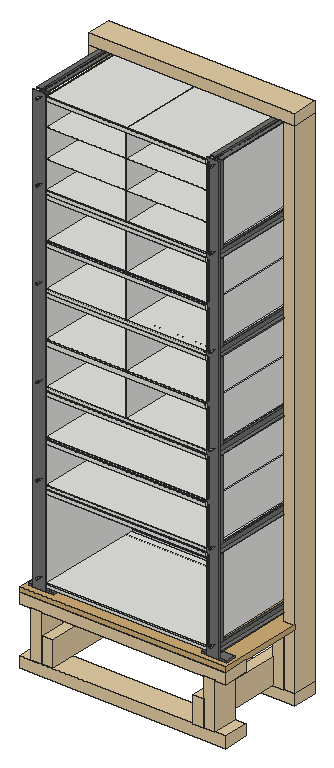
Revit family "Mailboxes_Aluminum-Data_Distribution_System-Salsbury_Industries-5_Unit_High_Wall_Installation", category Specialty Equipment, host Wall, Revit 2016
Family settings
  Host = Wall
  Part Type = Normal
  Round Connector Dimension = Use Diameter
  OmniClass Number = 23.40.90.14.11
  OmniClass Title = Mail Boxes
  Always vertical = Yes
  Cut with Voids When Loaded = No
  Shared = No
  Room Calculation Point = No
Parameters (values of type "Single Column Installation-2400 Series Mailboxes-5 High")
  Version = "2.0 (06/30/18)"
  URL = "www.mailboxes.com"
  Type Comments = "Data Distribution System for Aluminum Mailbox Units"
  Trim Material = Steel - Salsbury Finish - Black
  Starter and Add On Configuration (not applicable) = yes
  Starter Configuration (not applicable) = yes
  Rough Opening Width = 25.375"
  Rough Opening Height = 61.625"
  Rack Ladder Spacing = 23.875"
  Right RO Offset = 1.500"
  Rack Ladder Offset = 0.750"
  Rack Ladder Height = Rack Ladder Units : 2200C5
  Platform Material = Plywood
  OmniClass 23 Title = "Mail Boxes"
  OmniClass 23 Number = "23.40.90.14.11"
  Model = "2400 Series"
  MasterFormat Title = "Postal Specialties"
  MasterFormat Number = "10 55 00"
  Manufacturer = "Salsbury Industries"
  Lock Material = Stainless Steel -Salsbury Finish - Polished
  Left RO Offset = 1.500"
  Front Panel Material = Aluminum - Salsbury Finish - Aluminum
  End Column and Add On Configuration (not applicable) = yes
  Description = "5 Unit High  Installation - Single Column"
  Base Height [instance] = 10.000"
  Base Depth = 16.000"
  Back Enclosure Material = Steel - Salsbury Finish - Clear
  Assembly Code = "C1030910"
  2x4 Platform Support = Softwood, Lumber
  2400 Series Mailbox - Location 5 [instance] = Data Distribution Mailbox Units : 2406
  2400 Series Mailbox - Location 4 [instance] = Data Distribution Mailbox Units : 2404
  2400 Series Mailbox - Location 3 [instance] = Data Distribution Mailbox Units : 2404
  2400 Series Mailbox - Location 2 [instance] = Data Distribution Mailbox Units : 2402
  2400 Series Mailbox - Location 1 [instance] = Data Distribution Mailbox Units : 2401
Reference planes (in)
  plane 1 "Center of Wall": y = 0
  plane 2 "Center (Left/Right)": x = 0
  plane 3 "Front Face of Wall": y = 2.4375
  plane 4 "Left Side of RO": x = 12.6875
  plane 5 "Right Side of RO": x = -12.6875
  plane 6 "Top of RO": z = 71.625
  plane 7 "Bottom of RO": z = 10
  plane 8 "Back of Platform": y = -13.5625
  plane 9 "Floor": z = 0
  plane 10 "Back Face of Wall": y = -2.4375
  plane 11: y = -9.0625
  plane 12 "Base-Back Bottom Frame": z = 1.5
  plane 13 "Base-Back TopFrame": z = 7.875
  plane 14 "Base Center-Back TopFrame": z = 8.625
  plane 15 "Base Center-Back Bottom Frame": z = 0.75
  plane 16 "Bottom of Platform": z = 9.375
  plane 17 "Brace/Support Align-Right": x = -11.1875
  plane 18 "Brace/Support Align-Left": x = 11.1875
  plane 19 "Wall Opening Extension - Left": x = 14.1875
  plane 20 "Wall Opening Extension - Right": x = -14.1875
  plane 21 "Wall Opening Extension - Top": z = 73.125
  plane 22 "Right Rack Ladder Align": x = -11.9375
  plane 23 "Left Rack Ladder Align": x = 11.9375
  plane 24: z = 5
  plane 25: y = -1.75
  plane 26: y = 1.75
  plane 27 "Mail Align 1": z = 10.9375
  plane 28: z = 23.0625
  plane 29: z = 35.1875
  plane 30: z = 47.3125
  plane 31: z = 59.4375
  plane 32: z = 71.5625
  plane 33 "Center of Mailboxes": x = 0
  plane 34 "Mailbox Side Align": x = 11.5935
  plane 35: x = -12.6875
  plane 36: x = 12.6875
  plane 37: y = 2.0625
  plane 38: x = 9.6875
  plane 39: x = -9.6875
  plane 40: y = -10.0625
  plane 41 "15"AFF - Low Reach Limit": z = 15
Forms (in)
  Extrusion 1, void
    sketch origin (0, 0, 0) x (1, 0, 0) y (0, 0, 1)
      loop
        line (12.6875, 71.625) -> (-12.6875, 71.625) -> (-12.6875, 10) -> (12.6875, 10) -> (12.6875, 71.625)
    from -2.4375 to 2.4375
  Extrusion 2, void
    sketch origin (0, -2.4375, 0) x (-1, 0, 0) y (0, 0, 1)
      loop
        line (12.6875, 10) -> (-12.6875, 10) -> (-12.6875, 0) -> (12.6875, 0) -> (12.6875, 10)
    from 0 to 4.5
  Extrusion 3, solid, material "Softwood, Lumber" <- "2x4 Platform Support"
    sketch origin (0, 0, 0) x (1, 0, 0) y (0, 1, 0)
      loop
        line (14.1875, -13.5625) -> (14.1875, -10.0625) -> (-14.1875, -10.0625) -> (-14.1875, -13.5625) -> (14.1875, -13.5625)
    from 0 to 1.5
  Extrusion 4, solid, material "Softwood, Lumber" <- "2x4 Platform Support"
    sketch origin (0, 11.8125, 0) x (1, 0, 0) y (0, 1, 0)
      loop
        line (14.1875, -13.5625) -> (14.1875, -10.0625) -> (-14.1875, -10.0625) -> (-14.1875, -13.5625) -> (14.1875, -13.5625)
    from 0 to 1.5
  Extrusion 5, solid, material "Softwood, Lumber" <- "2x4 Platform Support"
    sketch origin (0, 0, 7.875) x (1, 0, 0) y (0, 1, 0)
      loop
        line (14.1875, -13.5625) -> (14.1875, -10.0625) -> (-14.1875, -10.0625) -> (-14.1875, -13.5625) -> (14.1875, -13.5625)
    from 0 to 1.5
  Extrusion 6, solid, material "Softwood, Lumber" <- "2x4 Platform Support"
    sketch origin (0, 0, 7.875) x (1, 0, 0) y (0, 1, 0)
      loop
        line (12.6875, -1.75) -> (12.6875, 1.75) -> (-12.6875, 1.75) -> (-12.6875, -1.75) -> (12.6875, -1.75)
    from 0 to 1.5
  Extrusion 7, solid, material "Softwood, Lumber" <- "2x4 Platform Support"
    sketch origin (-12.6875, 0, 0) x (0, 0, -1) y (0, 1, 0)
      loop
        line (-7.875, -13.5625) -> (-1.5, -13.5625) -> (-1.5, -10.0625) -> (-7.875, -10.0625) -> (-7.875, -13.5625)
    from 0 to 1.5
  Extrusion 8, solid, material "Softwood, Lumber" <- "2x4 Platform Support"
    sketch origin (-12.6875, 0, 0) x (0, 0, -1) y (0, 1, 0)
      loop
        line (-7.875, -1.75) -> (-1.5, -1.75) -> (-1.5, 1.75) -> (-7.875, 1.75) -> (-7.875, -1.75)
    from 0 to 1.5
  Extrusion 9, solid, material "Softwood, Lumber" <- "2x4 Platform Support", visible <- "End Column and Add On Configuration (not applicable)"
    sketch origin (12.6875, 0, 0) x (0, 0, -1) y (0, 1, 0)
      loop
        line (-7.875, -13.5625) -> (-1.5, -13.5625) -> (-1.5, -10.0625) -> (-7.875, -10.0625) -> (-7.875, -13.5625)
    from 0 to -1.5
  Extrusion 10, solid, material "Softwood, Lumber" <- "2x4 Platform Support", visible <- "End Column and Add On Configuration (not applicable)"
    sketch origin (12.6875, 0, 0) x (0, 0, -1) y (0, 1, 0)
      loop
        line (-7.875, -1.75) -> (-1.5, -1.75) -> (-1.5, 1.75) -> (-7.875, 1.75) -> (-7.875, -1.75)
    from 0 to -1.5
  Extrusion 11, solid, material "Softwood, Lumber" <- "2x4 Platform Support"
    sketch origin (-11.1875, 0, 0) x (0, 0, -1) y (0, -1, 0)
      loop
        line (-1.5, 13.5625) -> (-5, 13.5625) -> (-5, -1.75) -> (-1.5, -1.75) -> (-1.5, 13.5625)
    from 0 to -1.5
  Extrusion 12, solid, material "Softwood, Lumber" <- "2x4 Platform Support", visible <- "End Column and Add On Configuration (not applicable)"
    sketch origin (11.1875, 0, 0) x (0, 0, -1) y (0, -1, 0)
      loop
        line (-1.5, 13.5625) -> (-5, 13.5625) -> (-5, -1.75) -> (-1.5, -1.75) -> (-1.5, 13.5625)
    from 0 to 1.5
  Extrusion 13, void
    sketch origin (0, 0, 73.125) x (0, -1, 0) y (1, 0, 0)
      loop
        line (2.4375, -14.1875) -> (2.4375, 14.1875) -> (-2.06201, 14.1875) -> (-2.06201, -14.1875) -> (2.4375, -14.1875)
    from -73.125 to 0
  Extrusion 14, solid, material "Softwood, Lumber" <- "2x4 Platform Support", visible <- "End Column and Add On Configuration (not applicable)"
    sketch origin (14.1875, 0, 0) x (0, -1, 0) y (0, 0, 1)
      loop
        line (1.75, 1.5) -> (1.75, 71.625) -> (-1.75, 71.625) -> (-1.75, 1.5) -> (1.75, 1.5)
    from 0 to 1.5
  Extrusion 15, solid, material "Softwood, Lumber" <- "2x4 Platform Support", visible <- "Starter and Add On Configuration (not applicable)"
    sketch origin (-14.1875, 0, 0) x (0, -1, 0) y (0, 0, 1)
      loop
        line (1.75, 1.5) -> (1.75, 71.625) -> (-1.75, 71.625) -> (-1.75, 1.5) -> (1.75, 1.5)
    from 0 to -1.5
  Extrusion 16, solid, material "Softwood, Lumber" <- "2x4 Platform Support"
    sketch origin (0, 11.8125, 73.125) x (0, -1, 0) y (1, 0, 0)
      loop
        line (13.5625, 14.1875) -> (10.0625, 14.1875) -> (10.0625, -14.1875) -> (13.5625, -14.1875) -> (13.5625, 14.1875)
    from 0 to -1.5
  Extrusion 17, solid, material "Plywood" <- "Platform Material"
    sketch origin (0, 0, 9.375) x (0, -1, 0) y (1, 0, 0)
      loop
        line (13.5625, -14.1875) -> (13.5625, 14.1875) -> (-2.0625, 14.1875) -> (-2.0625, -14.1875) -> (13.5625, -14.1875)
    from 0 to 0.625
  Extrusion 18, void
    sketch origin (-12.6875, 0, 0) x (0, 0, -1) y (0, 1, 0)
      loop
        line (-9.375, 2.0625) -> (-10, 2.0625) -> (-10, -1.75) -> (-9.375, -1.75) -> (-9.375, 2.0625)
    from 0 to -1.5
  Extrusion 19, void
    sketch origin (12.6875, 0, 0) x (0, 0, -1) y (0, 1, 0)
      loop
        line (-9.375, 2.0625) -> (-10, 2.0625) -> (-10, -1.75) -> (-9.375, -1.75) -> (-9.375, 2.0625)
    from 0 to 1.5
Cuts and joins
  Extrusion 18 cuts Extrusion 6
  Extrusion 18, Extrusion 19 cuts Extrusion 17
Lines and regions (in)
  symbolic lines
    curve 1: line (-14.1875, -13.5625, 10.9375) -> (14.1875, -13.5625, 10.9375)
    curve 2: line (-14.1875, 1.75, 10.9375) -> (-14.1875, -13.5625, 10.9375)
    curve 3: line (14.1875, 1.75, 10.9375) -> (-14.1875, 1.75, 10.9375)
    curve 4: line (14.1875, -13.5625, 10.9375) -> (14.1875, 1.75, 10.9375)
    curve 5: line (-14.1875, -1.75, 10.9375) -> (14.1875, -1.75, 10.9375)
    curve 6: line (-12.6875, -1.75, 73.125) -> (-12.6875, 1.75, 73.125)
    curve 7: line (-12.6875, -1.75, 0) -> (-12.6875, -1.75, 73.125)
    curve 8: line (-12.6875, 1.75, 0) -> (-12.6875, -1.75, 0)
    curve 9: line (-12.6875, 1.75, 73.125) -> (-12.6875, 1.75, 0)
    curve 10: line (-12.6875, -13.5625, 9.375) -> (-12.6875, -10.0625, 9.375)
    curve 11: line (-12.6875, -13.5625, 0) -> (-12.6875, -13.5625, 9.375)
    curve 12: line (-12.6875, -10.0625, 0) -> (-12.6875, -13.5625, 0)
    curve 13: line (-12.6875, -10.0625, 9.375) -> (-12.6875, -10.0625, 0)
    curve 14: line (-12.6875, -13.5625, 7.875) -> (-12.6875, -10.0625, 7.875)
    curve 15: line (-12.6875, -13.5625, 1.5) -> (-12.6875, 1.75, 1.5)
    curve 16: line (-12.6875, -10.0625, 5) -> (-12.6875, -1.75, 5)
    curve 17: line (-12.6875, -13.5625, 10) -> (-12.6875, -1.75, 10)
    curve 18: line (-12.6875, -13.5625, 9.375) -> (-12.6875, -13.5625, 10)
    curve 19: line (-12.6875, -1.75, 9.375) -> (-12.6875, -13.5625, 9.375)
    curve 20: line (-12.6875, -1.75, 71.625) -> (-12.6875, 1.75, 71.625)
    curve 21: line (-14.1875, 0, 73.125) -> (14.1875, 0, 73.125)
    curve 22: line (-14.1875, 0, 71.625) -> (-14.1875, 0, 73.125)
    curve 23: line (14.1875, 0, 71.625) -> (-14.1875, 0, 71.625)
    curve 24: line (14.1875, 0, 73.125) -> (14.1875, 0, 71.625)
    curve 25: line (-14.1875, 0, 71.625) -> (-14.1875, 0, 1.5)
    curve 26: line (14.1875, 0, 71.625) -> (14.1875, 0, 1.5)
    curve 27: line (-14.1875, 0, 0) -> (14.1875, 0, 0)
    curve 28: line (-14.1875, 0, 1.5) -> (-14.1875, 0, 0)
    curve 29: line (14.1875, 0, 1.5) -> (-14.1875, 0, 1.5)
    curve 30: line (14.1875, 0, 0) -> (14.1875, 0, 1.5)
    curve 31: line (-14.1875, 0, 9.375) -> (14.1875, 0, 9.375)
    curve 32: line (-14.1875, 0, 10) -> (14.1875, 0, 10)
    curve 33: line (14.1875, 0, 7.875) -> (-14.1875, 0, 7.875)
    curve 34: line (-12.6875, 0, 1.5) -> (-12.6875, 0, 7.875)
    curve 35: line (-11.1875, 0, 1.5) -> (-11.1875, 0, 7.875)
    curve 36: line (-9.6875, 0, 1.5) -> (-9.6875, 0, 5)
    curve 37: line (-11.1875, 0, 5) -> (-9.6875, 0, 5)
    curve 38: line (11.1875, 0, 1.5) -> (11.1875, 0, 7.875)
    curve 39: line (12.6875, 0, 1.5) -> (12.6875, 0, 7.875)
    curve 40: line (9.6875, 0, 1.5) -> (9.6875, 0, 5)
    curve 41: line (11.1875, 0, 5) -> (9.6875, 0, 5)
Text (in)
  text "Placement Side" at (0, 40.15149, 123.01588), in view "Right"
  text "Placement Side" at (-58.6842, 42.74981, 0), in view "Ref. Level"
  text "Placement Side" at (0, 47.49176, 140.59947), in view "Left"
Dimensions and locks (in)
  locked: plane 3 "Front Face of Wall" to host wall
  equal spacing: plane 4 "Left Side of RO", plane 2 "Center (Left/Right)", plane 5 "Right Side of RO"
  "Rough Opening Width": plane 4 "Left Side of RO" to plane 5 "Right Side of RO"
  "Rough Opening Height": plane 7 "Bottom of RO" to plane 6 "Top of RO"
  "Base Height": plane 9 "Floor" to plane 7 "Bottom of RO"
  "Base Depth": plane 8 "Back of Platform" to plane 3 "Front Face of Wall"
  plane 8 "Back of Platform" to plane 11 = 4.500"
  plane 24 to plane 12 "Base-Back Bottom Frame" to plane 15 "Base Center-Back Bottom Frame" to plane 9 "Floor" = 3.500", 0.750", 0.750"
  plane 7 "Bottom of RO" to plane 16 "Bottom of Platform" to plane 14 "Base Center-Back TopFrame" to plane 13 "Base-Back TopFrame" = 0.625", 0.750", 0.750"
  plane 5 "Right Side of RO" to plane 17 "Brace/Support Align-Right" to plane 39 = 1.500" locked, 1.500" locked
  plane 38 to plane 18 "Brace/Support Align-Left" to plane 4 "Left Side of RO" = 1.500" locked, 1.500" locked
  "Left RO Offset": plane 4 "Left Side of RO" to plane 19 "Wall Opening Extension - Left"
  "Right RO Offset": plane 20 "Wall Opening Extension - Right" to plane 5 "Right Side of RO"
  locked: plane 21 "Wall Opening Extension - Top" to plane 6 "Top of RO" at 1.5
  "Rack Ladder Spacing": plane 22 "Right Rack Ladder Align" to plane 23 "Left Rack Ladder Align"
  plane 25 to plane 1 "Center of Wall" to plane 26 = 1.750", 1.750"
  "Rack Ladder Offset": plane 22 "Right Rack Ladder Align" to plane 5 "Right Side of RO"
  plane 32 to plane 31 to plane 30 to plane 29 to plane 28 to plane 27 "Mail Align 1" to plane 7 "Bottom of RO" = 12.125", 12.125", 12.125", 12.125", 12.125", 0.9375"
  equal spacing: plane 22 "Right Rack Ladder Align", plane 33 "Center of Mailboxes", plane 23 "Left Rack Ladder Align"
  locked: plane 34 "Mailbox Side Align" to plane 23 "Left Rack Ladder Align" at 0.344
  locked: plane 20 "Wall Opening Extension - Right" to plane 35 at 1.5
  locked: plane 36 to plane 19 "Wall Opening Extension - Left" at 1.5
  locked: plane 37 to plane 3 "Front Face of Wall" at 0.375
  locked: plane 41 "15"AFF - Low Reach Limit" to plane 9 "Floor" at 15
  aligned and locked: plane 9 "Floor" to level
  aligned and locked: plane 6 "Top of RO" to Extrusion 1 sketch curve
  aligned and locked: plane 5 "Right Side of RO" to Extrusion 1 sketch curve
  aligned and locked: Extrusion 1 sketch curve to plane 4 "Left Side of RO"
  aligned and locked: Extrusion 1 sketch curve to plane 7 "Bottom of RO"
  aligned and locked: host wall to Extrusion 1  (x2)
  aligned and locked: plane 10 "Back Face of Wall" to host wall
  aligned and locked: plane 7 "Bottom of RO" to Extrusion 2 sketch curve
  aligned and locked: Extrusion 2 sketch curve to plane 4 "Left Side of RO"
  aligned and locked: plane 5 "Right Side of RO" to Extrusion 2 sketch curve
  aligned and locked: Extrusion 2 sketch curve to plane 9 "Floor"
  aligned and locked: Extrusion 3 to plane 12 "Base-Back Bottom Frame"
  aligned and locked: plane 4 "Left Side of RO" to Extrusion 6
  aligned and locked: Extrusion 6 to plane 5 "Right Side of RO"
  aligned and locked: plane 12 "Base-Back Bottom Frame" to Extrusion 7
  aligned and locked: Extrusion 7 to plane 13 "Base-Back TopFrame"
  aligned and locked: plane 13 "Base-Back TopFrame" to Extrusion 5
  aligned and locked: plane 12 "Base-Back Bottom Frame" to Extrusion 8
  aligned and locked: plane 12 "Base-Back Bottom Frame" to Extrusion 9
  aligned and locked: plane 12 "Base-Back Bottom Frame" to Extrusion 10
  aligned and locked: Extrusion 9 to plane 13 "Base-Back TopFrame"
  aligned and locked: Extrusion 10 to plane 13 "Base-Back TopFrame"
  aligned and locked: Extrusion 4 to Extrusion 12
  aligned and locked: Extrusion 4 to Extrusion 11
  aligned and locked: Extrusion 13 sketch curve to plane 20 "Wall Opening Extension - Right"
  aligned and locked: plane 19 "Wall Opening Extension - Left" to Extrusion 13 sketch curve
  aligned and locked: Extrusion 4 to plane 19 "Wall Opening Extension - Left"
  aligned and locked: plane 20 "Wall Opening Extension - Right" to Extrusion 4
  aligned and locked: Extrusion 17 to plane 7 "Bottom of RO"
  aligned and locked: Extrusion 13 to level
  aligned and locked: plane 24 to Extrusion 12
  aligned and locked: Extrusion 11 to plane 24
  aligned and locked: nested 1 to plane 7 "Bottom of RO"
  aligned and locked: nested 2 to plane 23 "Left Rack Ladder Align"
  aligned and locked: nested 1 to plane 22 "Right Rack Ladder Align"
  aligned and locked: plane 7 "Bottom of RO" to nested 2
  aligned and locked: plane 3 "Front Face of Wall" to nested 1
  aligned and locked: nested 2 to plane 3 "Front Face of Wall"
  aligned and locked: Extrusion 5 to Extrusion 4
  aligned and locked: Extrusion 5 to plane 19 "Wall Opening Extension - Left"
  aligned and locked: Extrusion 5 to Extrusion 17
  aligned and locked: Extrusion 17 to Extrusion 5
  aligned and locked: Extrusion 4 to Extrusion 3  (x2)
  aligned and locked: Extrusion 4 to plane 12 "Base-Back Bottom Frame"
  aligned and locked: plane 12 "Base-Back Bottom Frame" to Extrusion 15
  aligned and locked: Extrusion 15 to plane 6 "Top of RO"
  aligned and locked: Extrusion 14 to plane 6 "Top of RO"
  aligned and locked: Extrusion 16 to plane 19 "Wall Opening Extension - Left"
  aligned and locked: plane 20 "Wall Opening Extension - Right" to Extrusion 16
  aligned and locked: Extrusion 17 to Extrusion 3  (x2)
  aligned and locked: plane 25 to Extrusion 4
  aligned and locked: Extrusion 4 to plane 26
  aligned and locked: plane 25 to Extrusion 14
  aligned and locked: Extrusion 14 to plane 26
  aligned and locked: Extrusion 10 to plane 26
  aligned and locked: plane 25 to Extrusion 10
  aligned and locked: plane 25 to cut or joined group of Extrusion 6, Extrusion 18
  aligned and locked: cut or joined group of Extrusion 6, Extrusion 18 to plane 26
  aligned and locked: plane 25 to Extrusion 8
  aligned and locked: Extrusion 8 to plane 26
  aligned and locked: Extrusion 16 to plane 26  (x2)
  aligned and locked: plane 25 to Extrusion 16
  aligned and locked: cut or joined group of Extrusion 17, Extrusion 18, Extrusion 19 to Extrusion 18
  aligned and locked: Extrusion 18 to Extrusion 4
  aligned and locked: Extrusion 19 to cut or joined group of Extrusion 17, Extrusion 18, Extrusion 19
  aligned and locked: Extrusion 4 to Extrusion 19
  aligned and locked: nested 4 to plane 3 "Front Face of Wall"
  aligned and locked: nested 6 to plane 3 "Front Face of Wall"
  aligned and locked: nested 5 to plane 3 "Front Face of Wall"
  aligned and locked: nested 7 to plane 3 "Front Face of Wall"
  aligned and locked: plane 27 "Mail Align 1" to nested 3
  aligned and locked: plane 28 to nested 4
  aligned and locked: plane 29 to nested 5
  aligned and locked: plane 30 to nested 6
  aligned and locked: plane 31 to nested 7
  aligned and locked: nested 3 to plane 3 "Front Face of Wall"
  aligned and locked: nested 7 to plane 34 "Mailbox Side Align"
  aligned and locked: nested 6 to plane 34 "Mailbox Side Align"
  aligned and locked: nested 5 to plane 34 "Mailbox Side Align"
  aligned and locked: nested 4 to plane 34 "Mailbox Side Align"
  aligned and locked: nested 3 to plane 34 "Mailbox Side Align"
  aligned and locked: Extrusion 15 to plane 26
  aligned and locked: plane 25 to Extrusion 15
  aligned and locked: plane 25 to Extrusion 15 sketch curve
  aligned and locked: Extrusion 15 sketch curve to plane 26
  aligned and locked: Extrusion 15 sketch curve to plane 6 "Top of RO"
  aligned and locked: plane 12 "Base-Back Bottom Frame" to Extrusion 15 sketch curve
  aligned and locked: Extrusion 15 to plane 35
  aligned and locked: plane 20 "Wall Opening Extension - Right" to Extrusion 15
  aligned and locked: plane 12 "Base-Back Bottom Frame" to Extrusion 14 sketch curve
  aligned and locked: plane 25 to Extrusion 14 sketch curve
  aligned and locked: Extrusion 14 sketch curve to plane 26
  aligned and locked: Extrusion 14 sketch curve to plane 6 "Top of RO"
  aligned and locked: Extrusion 14 to plane 36
  aligned and locked: Extrusion 14 to plane 19 "Wall Opening Extension - Left"
  aligned and locked: plane 26 to Extrusion 16 sketch curve
  aligned and locked: Extrusion 16 sketch curve to plane 20 "Wall Opening Extension - Right"
  aligned and locked: Extrusion 16 sketch curve to plane 25
  aligned and locked: plane 19 "Wall Opening Extension - Left" to Extrusion 16 sketch curve
  aligned and locked: Extrusion 16 to plane 21 "Wall Opening Extension - Top"
  aligned and locked: plane 6 "Top of RO" to Extrusion 16
  aligned and locked: plane 20 "Wall Opening Extension - Right" to Extrusion 17 sketch curve
  aligned and locked: Extrusion 17 sketch curve to plane 19 "Wall Opening Extension - Left"
  aligned and locked: plane 8 "Back of Platform" to Extrusion 17 sketch curve
  aligned and locked: plane 37 to Extrusion 17 sketch curve
  aligned and locked: plane 16 "Bottom of Platform" to cut or joined group of Extrusion 17, Extrusion 18, Extrusion 19
  aligned and locked: plane 5 "Right Side of RO" to Extrusion 6 sketch curve
  aligned and locked: plane 26 to Extrusion 6 sketch curve
  aligned and locked: Extrusion 6 sketch curve to plane 25
  aligned and locked: Extrusion 6 sketch curve to plane 4 "Left Side of RO"
  aligned and locked: plane 13 "Base-Back TopFrame" to cut or joined group of Extrusion 6, Extrusion 18
  aligned and locked: cut or joined group of Extrusion 6, Extrusion 18 to plane 16 "Bottom of Platform"
  aligned and locked: plane 40 to Extrusion 5 sketch curve
  aligned and locked: Extrusion 5 sketch curve to plane 8 "Back of Platform"
  aligned and locked: Extrusion 5 sketch curve to plane 20 "Wall Opening Extension - Right"
  aligned and locked: plane 19 "Wall Opening Extension - Left" to Extrusion 5 sketch curve
  aligned and locked: Extrusion 5 to plane 16 "Bottom of Platform"
  aligned and locked: plane 13 "Base-Back TopFrame" to Extrusion 8 sketch curve
  aligned and locked: Extrusion 8 sketch curve to plane 25
  aligned and locked: plane 26 to Extrusion 8 sketch curve
  aligned and locked: Extrusion 8 sketch curve to plane 12 "Base-Back Bottom Frame"
  aligned and locked: Extrusion 8 to plane 17 "Brace/Support Align-Right"
  aligned and locked: Extrusion 8 to plane 5 "Right Side of RO"
  aligned and locked: plane 13 "Base-Back TopFrame" to Extrusion 7 sketch curve
  aligned and locked: Extrusion 7 sketch curve to plane 12 "Base-Back Bottom Frame"
  aligned and locked: plane 40 to Extrusion 7 sketch curve
  aligned and locked: Extrusion 7 sketch curve to plane 8 "Back of Platform"
  aligned and locked: Extrusion 7 to plane 17 "Brace/Support Align-Right"
  aligned and locked: Extrusion 7 to plane 5 "Right Side of RO"
  aligned and locked: Extrusion 11 sketch curve to plane 24
  aligned and locked: plane 12 "Base-Back Bottom Frame" to Extrusion 11 sketch curve
  aligned and locked: plane 8 "Back of Platform" to Extrusion 11 sketch curve
  aligned and locked: Extrusion 11 sketch curve to plane 26
  aligned and locked: plane 39 to Extrusion 11
  aligned and locked: plane 17 "Brace/Support Align-Right" to Extrusion 11
  aligned and locked: plane 13 "Base-Back TopFrame" to Extrusion 10 sketch curve
  aligned and locked: Extrusion 10 sketch curve to plane 12 "Base-Back Bottom Frame"
  aligned and locked: Extrusion 10 sketch curve to plane 25
  aligned and locked: plane 26 to Extrusion 10 sketch curve
  aligned and locked: plane 4 "Left Side of RO" to Extrusion 10
  aligned and locked: plane 18 "Brace/Support Align-Left" to Extrusion 10
  aligned and locked: plane 13 "Base-Back TopFrame" to Extrusion 9 sketch curve
  aligned and locked: Extrusion 9 sketch curve to plane 12 "Base-Back Bottom Frame"
  aligned and locked: plane 40 to Extrusion 9 sketch curve
  aligned and locked: Extrusion 9 sketch curve to plane 8 "Back of Platform"
  aligned and locked: plane 4 "Left Side of RO" to Extrusion 9
  aligned and locked: plane 18 "Brace/Support Align-Left" to Extrusion 9
  aligned and locked: Extrusion 12 sketch curve to plane 26
  aligned and locked: Extrusion 12 sketch curve to plane 24
  aligned and locked: plane 12 "Base-Back Bottom Frame" to Extrusion 12 sketch curve
  aligned and locked: plane 8 "Back of Platform" to Extrusion 12 sketch curve
  aligned and locked: Extrusion 12 to plane 18 "Brace/Support Align-Left"
  aligned and locked: Extrusion 12 to plane 38
  aligned and locked: plane 26 to Extrusion 4 sketch curve
  aligned and locked: Extrusion 4 sketch curve to plane 25
  aligned and locked: plane 19 "Wall Opening Extension - Left" to Extrusion 4 sketch curve
  aligned and locked: Extrusion 4 sketch curve to plane 20 "Wall Opening Extension - Right"
  aligned and locked: plane 9 "Floor" to Extrusion 4
  aligned and locked: plane 40 to Extrusion 3 sketch curve
  aligned and locked: Extrusion 3 sketch curve to plane 8 "Back of Platform"
  aligned and locked: plane 19 "Wall Opening Extension - Left" to Extrusion 3 sketch curve
  aligned and locked: Extrusion 3 sketch curve to plane 20 "Wall Opening Extension - Right"
  aligned and locked: plane 9 "Floor" to Extrusion 3
  aligned and locked: plane 8 "Back of Platform" to curve 1
  aligned and locked: plane 20 "Wall Opening Extension - Right" to curve 2
  aligned and locked: curve 4 to plane 19 "Wall Opening Extension - Left"
  aligned and locked: plane 20 "Wall Opening Extension - Right" to curve 5
  aligned and locked: plane 19 "Wall Opening Extension - Left" to curve 5
  aligned and locked: plane 25 to curve 5
  aligned and locked: curve 7 to plane 25
  aligned and locked: plane 21 "Wall Opening Extension - Top" to curve 6
  aligned and locked: plane 26 to curve 9
  aligned and locked: curve 8 to plane 9 "Floor"
  aligned and locked: curve 12 to plane 9 "Floor"
  aligned and locked: plane 40 to curve 13
  aligned and locked: curve 11 to plane 8 "Back of Platform"
  aligned and locked: plane 16 "Bottom of Platform" to curve 10
  aligned and locked: plane 13 "Base-Back TopFrame" to curve 14
  aligned and locked: plane 12 "Base-Back Bottom Frame" to curve 15
  aligned and locked: plane 40 to curve 16
  aligned and locked: plane 25 to curve 16
  aligned and locked: plane 24 to curve 16
  aligned and locked: plane 7 "Bottom of RO" to curve 17
  aligned and locked: curve 19 to plane 16 "Bottom of Platform"
  aligned and locked: curve 18 to plane 8 "Back of Platform"
  aligned and locked: plane 26 to curve 20
  aligned and locked: plane 6 "Top of RO" to curve 20
  aligned and locked: curve 23 to plane 6 "Top of RO"
  aligned and locked: plane 21 "Wall Opening Extension - Top" to curve 21
  aligned and locked: plane 19 "Wall Opening Extension - Left" to curve 24
  aligned and locked: curve 22 to plane 20 "Wall Opening Extension - Right"
  aligned and locked: plane 6 "Top of RO" to curve 25
  aligned and locked: plane 12 "Base-Back Bottom Frame" to curve 25
  aligned and locked: plane 19 "Wall Opening Extension - Left" to curve 26
  aligned and locked: curve 29 to plane 12 "Base-Back Bottom Frame"
  aligned and locked: plane 9 "Floor" to curve 27
  aligned and locked: plane 20 "Wall Opening Extension - Right" to curve 28
  aligned and locked: curve 30 to plane 19 "Wall Opening Extension - Left"
  aligned and locked: plane 16 "Bottom of Platform" to curve 31
  aligned and locked: plane 20 "Wall Opening Extension - Right" to curve 33
  aligned and locked: plane 19 "Wall Opening Extension - Left" to curve 33
  aligned and locked: plane 7 "Bottom of RO" to curve 32
  aligned and locked: curve 33 to plane 13 "Base-Back TopFrame"
  aligned and locked: plane 24 to curve 36
  aligned and locked: curve 34 to plane 35
  aligned and locked: curve 35 to plane 17 "Brace/Support Align-Right"
  aligned and locked: plane 39 to curve 36
  aligned and locked: plane 17 "Brace/Support Align-Right" to curve 37
  aligned and locked: plane 39 to curve 37
  aligned and locked: plane 24 to curve 37
  aligned and locked: plane 13 "Base-Back TopFrame" to curve 39
  aligned and locked: plane 24 to curve 40
  aligned and locked: curve 39 to plane 36
  aligned and locked: curve 38 to plane 18 "Brace/Support Align-Left"
  aligned and locked: plane 38 to curve 40
  aligned and locked: plane 18 "Brace/Support Align-Left" to curve 41
  aligned and locked: plane 38 to curve 41
  aligned and locked: curve 41 to plane 24
Automatic sketch dimensions
  host wall to Extrusion 13 sketch curve = 0.000"
  Extrusion 13 sketch curve to host wall = 0.37549"
  plane 7 "Bottom of RO" to Extrusion 18 sketch curve = 0.000"
  plane 16 "Bottom of Platform" to Extrusion 18 sketch curve = 0.000"
  Extrusion 18 sketch curve to host wall = 0.6875"
  Extrusion 18 sketch curve to host wall = 0.375"
  plane 7 "Bottom of RO" to Extrusion 19 sketch curve = 0.000"
  plane 16 "Bottom of Platform" to Extrusion 19 sketch curve = 0.000"
  Extrusion 19 sketch curve to host wall = 0.6875"
  Extrusion 19 sketch curve to host wall = 0.375"
  plane 26 to curve 4 = 0.000"
Nested families (in)
  nested 1: "Rack Ladder Units" at (-11.9375, -5.125, 10), type <- "Rack Ladder Height", type "2200C5"
  nested 2: "Rack Ladder Units" at (11.9375, -5.125, 10) x (-1, 0, 0) z (0, 0, 1), type <- "Rack Ladder Height", visible <- "End Column and Add On Configuration (not applicable)", type "2200C5"
  nested 3: "Data Distribution Mailbox Units" at (-0.0315, -5.3125, 10.9375) x (-1, 0, 0) z (0, 0, 1), type <- "2400 Series Mailbox - Location 1", type "2401"
  nested 4: "Data Distribution Mailbox Units" at (-0.0315, -5.3125, 23.0625) x (-1, 0, 0) z (0, 0, 1), type <- "2400 Series Mailbox - Location 2", type "2402"
  nested 5: "Data Distribution Mailbox Units" at (-0.0315, -5.3125, 35.1875) x (-1, 0, 0) z (0, 0, 1), type <- "2400 Series Mailbox - Location 3", type "2404"
  nested 6: "Data Distribution Mailbox Units" at (-0.0315, -5.3125, 47.3125) x (-1, 0, 0) z (0, 0, 1), type <- "2400 Series Mailbox - Location 4", type "2404"
  nested 7: "Data Distribution Mailbox Units" at (-0.0315, -5.3125, 59.4375) x (-1, 0, 0) z (0, 0, 1), type <- "2400 Series Mailbox - Location 5", type "2406"
Definition of nested family "Rack Ladder Units"
  Parameters (values of type "2200C4")
    Width = 3.500"
    Visible = yes
    Version = "1.0 (04/30/16)"
    Type Comments = "Rack Ladder for Aluminum Mailboxes"
    Trim Material = none
    Number of Dividers = 4
    Model = "2200C4"
    Manufacturer = "Salsbury Industries"
    Lock Material = none
    Height = 49.500"
    Divider Spacing = 36.375"
    Description = "4 High - Custom"
    Depth = 15.875"
  Types (7): name | Visible | Number of Dividers | Model | Height | Divider Spacing | Description
    (no name) | yes | 4 | "2200C4" | 49.500" | 36.375" | "4 High - Custom"
    2200C6 | yes | 6 | "2200C6" | 73.750" | 60.625" | "6 High - Custom"
    2200C5 | yes | 5 | "2200C5" | 61.625" | 48.500" | "5 High - Standard"
    2200C4 | yes | 4 | "2200C4" | 49.500" | 36.375" | "4 High - Custom"
    2200C3 | yes | 3 | "2200C3" | 37.375" | 24.250" | "3 High - Custom"
    2200C2 | yes | 2 | "2200C2" | 25.250" | 12.125" | "2 High - Custom"
    None | no | 2 | "2200C2" | 25.250" | 12.125" | "2 High - Custom"
  Reference planes (in)
    plane 1 "Center (Front/Back)": y = 0
    plane 2 "bottom": z = 0
    plane 3 "Center (Left/Right)": x = 0
    plane 4 "left": y = -7.5625
    plane 5 "right": y = 7.5625
    plane 6 "Bottom of top divider": z = 49.4375
    plane 7 "back": x = -0.625
    plane 8 "front": x = 0.625
    plane 9: z = 0.9375
    plane 10: z = 13.0625
    plane 11: z = 25.1875
    plane 12: z = 37.3125
    plane 13: z = 49.4375
    plane 14: z = 37.3125
    plane 15 "Vertical Bar Base": z = 0.25
    plane 16: y = -6.3125
    plane 17: y = 6.0625
    plane 18: x = 1.75
    plane 19: x = -1.75
    plane 20: x = 0.125
    plane 21: x = -0.125
    plane 22: y = 7.3125
    plane 23 "Divider Left Align": y = -7.3125
    plane 24: x = 0.875
    plane 25: x = -0.875
    plane 26 "Back Plate Align": y = -7.8125
    plane 27 "Divider Right Align": y = 7.0625
    plane 28: y = -7.875
    plane 29: y = -8.3125
    plane 30 "top": z = 49.5
    plane 31: y = 6.3125
  Forms (in)
    Extrusion 1, solid, material <- "Trim Material", visible <- "Visible"
      sketch origin (0, 0, 0) x (1, 0, 0) y (0, 1, 0)
        loop
          line (-1.75, -6.3125) -> (-1.75, -7.5625) -> (1.75, -7.5625) -> (1.75, -6.3125) -> (-1.75, -6.3125)
      from 0 to 0.25
    Extrusion 2, solid, material <- "Trim Material", visible <- "Visible"
      sketch origin (0, -0.125, 0.25) x (1, 0, 0) y (0, 1, 0)
        loop
          line (-0.125, -6.1875) -> (-0.125, -7.4375) -> (0.125, -7.4375) -> (0.125, -6.1875) -> (-0.125, -6.1875)
      from 0 to 49.25
    Extrusion 3, solid, material <- "Trim Material", visible <- "Visible"
      sketch origin (0, 0, 0) x (1, 0, 0) y (0, 1, 0)
        loop
          line (-0.625, 6.3125) -> (1.75, 6.3125) -> (1.75, 7.5625) -> (-0.625, 7.5625) -> (-0.625, 6.3125)
      from 0 to 0.25
    Extrusion 4, solid, material <- "Trim Material", visible <- "Visible"
      sketch origin (0, -0.25, 0.25) x (1, 0, 0) y (0, 1, 0)
        loop
          line (-0.125, 6.3125) -> (0.125, 6.3125) -> (0.125, 7.5625) -> (-0.125, 7.5625) -> (-0.125, 6.3125)
      from 0 to 49.25
    Extrusion 5, solid, material <- "Trim Material", visible <- "Visible"
      sketch origin (0, 0, 0.25) x (1, 0, 0) y (0, 1, 0)
        loop
          line (-0.625, 7.5625) -> (-0.625, 7.3125) -> (0.625, 7.3125) -> (0.625, 7.5625) -> (-0.625, 7.5625)
      from 0 to 49.25
    Extrusion 6, solid, material <- "Trim Material", visible <- "Visible"
      sketch origin (0, -0.4375, 0.25) x (1, 0, 0) y (0, 1, 0)
        loop
          line (-0.875, -7.375) -> (-0.875, -7.4375) -> (0.875, -7.4375) -> (0.875, -7.375) -> (-0.875, -7.375)
      from 0 to 49.25
  Lines and regions (in)
    symbolic lines
      curve 1: line (-1.75, -6.3125, 49.4375) -> (1.75, -6.3125, 49.4375)
      curve 2: line (-1.75, -7.5625, 49.4375) -> (-1.75, -6.3125, 49.4375)
      curve 3: line (1.75, -7.5625, 49.4375) -> (-1.75, -7.5625, 49.4375)
      curve 4: line (1.75, -6.3125, 49.4375) -> (1.75, -7.5625, 49.4375)
      curve 5: line (-0.875, -7.8125, 49.4375) -> (0.875, -7.8125, 49.4375)
      curve 6: line (-0.875, -7.875, 49.4375) -> (-0.875, -7.8125, 49.4375)
      curve 7: line (0.875, -7.875, 49.4375) -> (-0.875, -7.875, 49.4375)
      curve 8: line (0.875, -7.8125, 49.4375) -> (0.875, -7.875, 49.4375)
      curve 9: line (-0.625, 7.5625, 49.4375) -> (1.75, 7.5625, 49.4375)
      curve 10: line (-0.625, 6.3125, 49.4375) -> (-0.625, 7.5625, 49.4375)
      curve 11: line (1.75, 6.3125, 49.4375) -> (-0.625, 6.3125, 49.4375)
      curve 12: line (1.75, 7.5625, 49.4375) -> (1.75, 6.3125, 49.4375)
      curve 13: line (-0.125, -6.3125, 49.4375) -> (0.125, -6.3125, 49.4375)
      curve 14: line (-0.125, -7.5625, 49.4375) -> (-0.125, -6.3125, 49.4375)
      curve 15: line (0.125, -7.5625, 49.4375) -> (-0.125, -7.5625, 49.4375)
      curve 16: line (0.125, -6.3125, 49.4375) -> (0.125, -7.5625, 49.4375)
      curve 17: line (-0.125, 7.3125, 49.4375) -> (0.125, 7.3125, 49.4375)
      curve 18: line (-0.125, 6.0625, 49.4375) -> (-0.125, 7.3125, 49.4375)
      curve 19: line (0.125, 6.0625, 49.4375) -> (-0.125, 6.0625, 49.4375)
      curve 20: line (0.125, 7.3125, 49.4375) -> (0.125, 6.0625, 49.4375)
      curve 21: line (0, -7.5625, 49.5) -> (0, -6.3125, 49.5)
      curve 22: line (0, -7.5625, 0) -> (0, -7.5625, 49.5)
      curve 23: line (0, -6.3125, 0) -> (0, -7.5625, 0)
      curve 24: line (0, -6.3125, 49.5) -> (0, -6.3125, 0)
      curve 25: line (0, 6.0625, 49.5) -> (0, 7.5625, 49.5)
      curve 26: line (0, 6.0625, 0) -> (0, 6.0625, 49.5)
      curve 27: line (0, 7.5625, 0) -> (0, 6.0625, 0)
      curve 28: line (0, 7.5625, 49.5) -> (0, 7.5625, 0)
      curve 29: line (0, -7.875, 49.5) -> (0, -7.8125, 49.5)
      curve 30: line (0, -7.875, 0.25) -> (0, -7.875, 49.5)
      curve 31: line (0, -7.8125, 0.25) -> (0, -7.875, 0.25)
      curve 32: line (0, -7.8125, 49.5) -> (0, -7.8125, 0.25)
      curve 33: line (-0.875, 0, 49.5) -> (0.875, 0, 49.5)
      curve 34: line (-0.875, 0, 0.25) -> (-0.875, 0, 49.5)
      curve 35: line (0.875, 0, 0.25) -> (-0.875, 0, 0.25)
      curve 36: line (0.875, 0, 49.5) -> (0.875, 0, 0.25)
      curve 37: line (-1.75, 0, 0.25) -> (1.75, 0, 0.25)
      curve 38: line (-1.75, 0, 0) -> (-1.75, 0, 0.25)
      curve 39: line (1.75, 0, 0) -> (-1.75, 0, 0)
      curve 40: line (1.75, 0, 0.25) -> (1.75, 0, 0)
  Dimensions and locks (in)
    equal spacing: plane 7 "back", plane 3 "Center (Left/Right)", plane 8 "front"
    locked: plane 7 "back" to plane 8 "front" at 1.25
    equal spacing: plane 4 "left", plane 1 "Center (Front/Back)", plane 5 "right"
    plane 4 "left" to plane 5 "right" = 15.125"
    locked: plane 9 to plane 2 "bottom" at 0.9375
    plane 15 "Vertical Bar Base" to plane 2 "bottom" = 0.250"
    equal spacing: plane 19, plane 3 "Center (Left/Right)", plane 18
    "Width": plane 19 to plane 18
    equal spacing: plane 21, plane 3 "Center (Left/Right)", plane 20
    plane 21 to plane 20 = 0.250"
    plane 17 to plane 22 to plane 5 "right" = 1.250", 0.250"
    plane 29 to plane 28 to plane 26 "Back Plate Align" to plane 4 "left" to plane 23 "Divider Left Align" to plane 16 = 0.4375", 0.0625", 0.250", 0.250", 1.000"
    plane 25 to plane 3 "Center (Left/Right)" to plane 24 = 0.875", 0.875"
    plane 27 "Divider Right Align" to plane 22 = 0.250"
    "Depth": plane 29 to plane 5 "right"
    plane 14 to plane 6 "Bottom of top divider" to plane 30 "top" = 12.125" locked, 0.0625"
    equal spacing: group 1, group 3, group 4, group 2  (x3)
    "Divider Spacing": plane 9 to plane 14
    plane 2 "bottom" to plane 30 "top" = 49.500"
    plane 31 to plane 5 "right" = 1.250"
    aligned and locked: level to plane 2 "bottom"
    aligned and locked: nested 2 to plane 9
    aligned and locked: plane 9 to nested 2
    aligned and locked: nested 3 to plane 14
    aligned and locked: plane 6 "Bottom of top divider" to nested 1
    aligned and locked: Extrusion 2 to Extrusion 6
    aligned and locked: Extrusion 5 to Extrusion 4
    aligned and locked: Extrusion 4 to plane 30 "top"
    aligned and locked: Extrusion 2 to plane 30 "top"
    aligned and locked: Extrusion 6 to plane 24
    aligned and locked: plane 25 to Extrusion 6
    aligned and locked: Extrusion 6 sketch curve to plane 28
    aligned and locked: plane 26 "Back Plate Align" to Extrusion 6 sketch curve
    aligned and locked: Extrusion 6 sketch curve to plane 25
    aligned and locked: plane 24 to Extrusion 6 sketch curve
    aligned and locked: plane 15 "Vertical Bar Base" to Extrusion 6
    aligned and locked: plane 17 to Extrusion 4 sketch curve
    aligned and locked: Extrusion 4 sketch curve to plane 20
    aligned and locked: plane 21 to Extrusion 4 sketch curve
    aligned and locked: Extrusion 4 sketch curve to plane 22
    aligned and locked: Extrusion 4 to Extrusion 1
    aligned and locked: plane 5 "right" to Extrusion 5 sketch curve
    aligned and locked: Extrusion 5 sketch curve to plane 22
    aligned and locked: Extrusion 5 sketch curve to plane 7 "back"
    aligned and locked: plane 8 "front" to Extrusion 5 sketch curve
    aligned and locked: plane 15 "Vertical Bar Base" to Extrusion 5
    aligned and locked: plane 16 to Extrusion 2 sketch curve
    aligned and locked: Extrusion 2 sketch curve to plane 4 "left"
    aligned and locked: Extrusion 2 sketch curve to plane 21
    aligned and locked: plane 20 to Extrusion 2 sketch curve
    aligned and locked: plane 15 "Vertical Bar Base" to Extrusion 2
    aligned and locked: Extrusion 1 to plane 18
    aligned and locked: Extrusion 1 to plane 16  (x2)
    aligned and locked: plane 19 to Extrusion 1
    aligned and locked: plane 4 "left" to Extrusion 1
    aligned and locked: plane 16 to Extrusion 1 sketch curve
    aligned and locked: Extrusion 1 sketch curve to plane 4 "left"
    aligned and locked: plane 18 to Extrusion 1 sketch curve
    aligned and locked: Extrusion 1 sketch curve to plane 19
    aligned and locked: Extrusion 1 to plane 2 "bottom"
    aligned and locked: Extrusion 1 to plane 15 "Vertical Bar Base"
    aligned and locked: Extrusion 3 sketch curve to plane 18
    aligned and locked: Extrusion 3 sketch curve to plane 5 "right"
    aligned and locked: plane 7 "back" to Extrusion 3 sketch curve
    aligned and locked: plane 31 to Extrusion 3 sketch curve
    aligned and locked: Extrusion 3 to plane 2 "bottom"
    aligned and locked: Extrusion 3 to plane 15 "Vertical Bar Base"
    aligned and locked: plane 3 "Center (Left/Right)" to nested 3
    aligned and locked: plane 3 "Center (Left/Right)" to nested 2
    aligned and locked: plane 29 to nested 2
    aligned and locked: plane 29 to nested 3
    aligned and locked: plane 29 to nested 1
    aligned and locked: plane 3 "Center (Left/Right)" to nested 1
    aligned and locked: curve 2 to plane 19
    aligned and locked: plane 16 to curve 1
    aligned and locked: plane 18 to curve 4
    aligned and locked: curve 3 to plane 4 "left"
    aligned and locked: curve 7 to plane 28
    aligned and locked: plane 24 to curve 8
    aligned and locked: plane 26 "Back Plate Align" to curve 5
    aligned and locked: curve 6 to plane 25
    aligned and locked: curve 11 to plane 31
    aligned and locked: plane 5 "right" to curve 9
    aligned and locked: curve 10 to plane 7 "back"
    aligned and locked: plane 18 to curve 12
    aligned and locked: plane 20 to curve 16
    aligned and locked: curve 14 to plane 21
    aligned and locked: plane 16 to curve 13
    aligned and locked: curve 15 to plane 4 "left"
    aligned and locked: curve 19 to plane 17
    aligned and locked: plane 20 to curve 20
    aligned and locked: curve 18 to plane 21
    aligned and locked: plane 22 to curve 17
    aligned and locked: plane 16 to curve 24
    aligned and locked: plane 30 "top" to curve 21
    aligned and locked: curve 22 to plane 4 "left"
    aligned and locked: plane 2 "bottom" to curve 23
    aligned and locked: plane 2 "bottom" to curve 27
    aligned and locked: plane 5 "right" to curve 28
    aligned and locked: plane 30 "top" to curve 25
    aligned and locked: curve 26 to plane 17
    aligned and locked: plane 26 "Back Plate Align" to curve 32
    aligned and locked: curve 31 to plane 15 "Vertical Bar Base"
    aligned and locked: curve 30 to plane 28
    aligned and locked: plane 30 "top" to curve 29
    aligned and locked: curve 34 to plane 25
    aligned and locked: plane 30 "top" to curve 33
    aligned and locked: plane 24 to curve 36
    aligned and locked: curve 35 to plane 15 "Vertical Bar Base"
    aligned and locked: plane 18 to curve 40
    aligned and locked: plane 15 "Vertical Bar Base" to curve 37
    aligned and locked: curve 38 to plane 19
    aligned and locked: plane 2 "bottom" to curve 39
  Nested families (in)
    nested 1: "Rack Ladder Divider" at (0, -0.125, 48.875), visible <- "Visible", type "Rack Ladder Divider"
    nested 2: "Rack Ladder Divider - Upward" at (0, -0.125, 0.9375), visible <- "Visible", type "Rack Ladder Divider"
    nested 3: "Rack Ladder Divider - Upward" at (0, -0.125, 37.3125), visible <- "Visible", type "Rack Ladder Divider"
    nested 4: "Rack Ladder Divider - Upward" at (0, -0.125, 13.0625), visible <- "Visible", type "Rack Ladder Divider"
    nested 5: "Rack Ladder Divider - Upward" at (0, -0.125, 25.1875), visible <- "Visible", type "Rack Ladder Divider"
  Definition of nested family "Rack Ladder Divider"
    Parameters (values of type "Rack Ladder Divider")
      Width = 1.500"
      Trim Material = none
      Model = "Rack Ladder Divider"
      Manufacturer = "Salsbury Industries"
      Lock Material = none
      Height = 0.625"
      Gap = 0.250"
      Depth = 14.375"
    Reference planes (in)
      plane 1 "Center (Front/Back)": y = 0
      plane 2 "bottom": z = 0
      plane 3 "Center (Left/Right)": x = 0
      plane 4: x = -0.125
      plane 5: x = 0.125
      plane 6 "front": y = -7.1875
      plane 7 "back": y = 7.1875
      plane 8 "top": z = 0.625
      plane 9: z = 0.5625
      plane 10 "left": x = -0.75
      plane 11 "right": x = 0.75
      plane 12: x = -0.1875
      plane 13: x = 0.1875
      plane 14 "Screw Line": z = -0.219
      plane 15 "Screw Align": y = -7.4375
      plane 16: y = -8.1875
      plane 17: x = -0.10973
      plane 18: x = 0.10973
    Forms (in)
      Extrusion 1, solid, material <- "Trim Material"
        sketch origin (0, 0, 0) x (1, 0, 0) y (0, 0, 1)
          loop
            line (0.125, 0) -> (0.1875, 0) -> (0.1875, 0.5625) -> (0.75, 0.5625) -> (0.75, 0.625) -> (0.125, 0.625) -> (0.125, 0)
          loop
            line (-0.125, 0) -> (-0.125, 0.625) -> (-0.75, 0.625) -> (-0.75, 0.5625) -> (-0.1875, 0.5625) -> (-0.1875, 0) -> (-0.125, 0)
        from -7.1875 to 7.1875
      Extrusion 2, solid, material <- "Lock Material", detail levels medium+fine
        sketch origin (0, -7.4375, 0) x (1, 0, 0) y (0, 0, 1)
          loop
            circle (0, -0.11) r 0.109
        from 0 to 0.75
    Lines and regions (in)
      symbolic lines
        curve 1: line (-0.75, 0, 0.625) -> (-0.125, 0, 0.625)
        curve 2: line (-0.75, 0, 0.5625) -> (-0.75, 0, 0.625)
        curve 3: line (-0.1875, 0, 0.5625) -> (-0.75, 0, 0.5625)
        curve 4: line (-0.125, 0, 0.625) -> (-0.125, 0, 0)
        curve 5: line (0.125, 0, 0.625) -> (0.75, 0, 0.625)
        curve 6: line (0.125, 0, 0) -> (0.125, 0, 0.625)
        curve 7: line (0.75, 0, 0.5625) -> (0.1875, 0, 0.5625)
        curve 8: line (0.75, 0, 0.625) -> (0.75, 0, 0.5625)
        curve 9: line (-0.1875, 0, 0.5625) -> (-0.1875, 0, 0)
        curve 10: line (-0.1875, 0, 0) -> (-0.125, 0, 0)
        curve 11: line (0.1875, 0, 0.5625) -> (0.1875, 0, 0)
        curve 12: line (0.1875, 0, 0) -> (0.125, 0, 0)
        curve 13: circle (0, 0, -0.11217) r 0.10936 normal (0, -1, 0)
        curve 14: line (-0.75, 7.1875, 0) -> (-0.125, 7.1875, 0)
        curve 15: line (-0.75, -7.1875, 0) -> (-0.75, 7.1875, 0)
        curve 16: line (-0.125, -7.1875, 0) -> (-0.75, -7.1875, 0)
        curve 17: line (-0.125, 7.1875, 0) -> (-0.125, -7.1875, 0)
        curve 18: line (0.75, 7.1875, 0) -> (0.125, 7.1875, 0)
        curve 19: line (0.75, -7.1875, 0) -> (0.75, 7.1875, 0)
        curve 20: line (0.125, -7.1875, 0) -> (0.75, -7.1875, 0)
        curve 21: line (0.125, 7.1875, 0) -> (0.125, -7.1875, 0)
        curve 22: line (-0.10973, -7.4375, 0) -> (0.10973, -7.4375, 0)
        curve 23: line (-0.10973, -8.1875, 0) -> (-0.10973, -7.4375, 0)
        curve 24: line (0.10973, -8.1875, 0) -> (-0.10973, -8.1875, 0)
        curve 25: line (0.10973, -7.4375, 0) -> (0.10973, -8.1875, 0)
        curve 26: line (0, -7.1875, 0.625) -> (0, 7.1875, 0.625)
        curve 27: line (0, -7.1875, 0) -> (0, -7.1875, 0.625)
        curve 28: line (0, 7.1875, 0) -> (0, -7.1875, 0)
        curve 29: line (0, 7.1875, 0.625) -> (0, 7.1875, 0)
        curve 30: line (0, -7.1875, 0.5625) -> (0, 7.1875, 0.5625)
        curve 31: line (0, -8.1875, 0) -> (0, -7.4375, 0)
        curve 32: line (0, -8.1875, -0.219) -> (0, -8.1875, 0)
        curve 33: line (0, -7.4375, -0.219) -> (0, -8.1875, -0.219)
        curve 34: line (0, -7.4375, 0) -> (0, -7.4375, -0.219)
    Dimensions and locks (in)
      equal spacing: plane 4, plane 3 "Center (Left/Right)", plane 5
      "Gap": plane 4 to plane 5
      plane 12 to plane 4 = 0.0625"
      plane 5 to plane 13 = 0.0625"
      equal spacing: plane 10 "left", plane 3 "Center (Left/Right)", plane 11 "right"
      "Width": plane 10 "left" to plane 11 "right"
      equal spacing: plane 6 "front", plane 1 "Center (Front/Back)", plane 7 "back"
      "Depth": plane 6 "front" to plane 7 "back"
      "Height": plane 8 "top" to plane 2 "bottom"
      plane 8 "top" to plane 9 = 0.0625"
      plane 2 "bottom" to plane 14 "Screw Line" = 0.219"
      locked: plane 15 "Screw Align" to plane 6 "front" at 0.25
      equal spacing: plane 17, plane 3 "Center (Left/Right)", plane 18
      aligned and locked: level to plane 2 "bottom"
      aligned and locked: plane 4 to curve 4
      aligned and locked: plane 8 "top" to curve 1
      aligned and locked: curve 2 to plane 10 "left"
      aligned and locked: curve 3 to plane 9
      aligned and locked: curve 9 to Extrusion 1
      aligned and locked: curve 10 to Extrusion 1
      aligned and locked: curve 6 to plane 5
      aligned and locked: plane 8 "top" to curve 5
      aligned and locked: plane 11 "right" to curve 8
      aligned and locked: curve 7 to plane 9
      aligned and locked: curve 11 to Extrusion 1
      aligned and locked: curve 12 to Extrusion 1
      aligned and locked: curve 18 to plane 7 "back"
      aligned and locked: plane 7 "back" to curve 14
      aligned and locked: curve 15 to plane 10 "left"
      aligned and locked: curve 19 to plane 11 "right"
      aligned and locked: Extrusion 2 to plane 15 "Screw Align"
      aligned and locked: curve 21 to plane 5
      aligned and locked: plane 6 "front" to curve 20
      aligned and locked: curve 16 to plane 6 "front"
      aligned and locked: plane 15 "Screw Align" to curve 22
      aligned and locked: curve 24 to plane 16
      aligned and locked: plane 18 to curve 25
      aligned and locked: curve 23 to plane 17
      aligned and locked: plane 16 to Extrusion 2
      aligned and locked: plane 7 "back" to curve 29
      aligned and locked: plane 2 "bottom" to curve 28
      aligned and locked: curve 27 to plane 6 "front"
      aligned and locked: plane 8 "top" to curve 26
      aligned and locked: plane 6 "front" to curve 30
      aligned and locked: plane 7 "back" to curve 30
      aligned and locked: plane 9 to curve 30
      aligned and locked: plane 15 "Screw Align" to curve 34
      aligned and locked: curve 32 to plane 16
      aligned and locked: curve 33 to plane 14 "Screw Line"
      aligned and locked: curve 31 to plane 2 "bottom"
    Automatic sketch dimensions
      Extrusion 1 sketch curve to plane 8 "top" = 0.000"  (x2)
      plane 10 "left" to Extrusion 1 sketch curve = 0.000"
      Extrusion 1 sketch curve to plane 9 = 0.000"  (x2)
      plane 12 to Extrusion 1 sketch curve = 0.000"
      Extrusion 1 sketch curve to level = 0.000"  (x2)
      plane 4 to Extrusion 1 sketch curve = 0.000"
      plane 5 to Extrusion 1 sketch curve = 0.000"
      plane 13 to Extrusion 1 sketch curve = 0.000"
      plane 11 "right" to Extrusion 1 sketch curve = 0.000"
      Extrusion 2 sketch curve to plane 3 "Center (Left/Right)" = 0.000"
      Extrusion 2 sketch curve to plane 14 "Screw Line" = 0.109"
      curve 13 to plane 3 "Center (Left/Right)" = 0.000"
      curve 13 to plane 14 "Screw Line" = 0.10683"
      curve 17 to plane 4 = 0.000"
      radius of Extrusion 2 sketch curve = 0.109"
      radius of curve 13 = 0.10936"
  Definition of nested family "Rack Ladder Divider - Upward"
    Parameters (values of type "Rack Ladder Divider")
      Width = 1.500"
      Trim Material = none
      Model = "Rack Ladder Divider"
      Manufacturer = "Salsbury Industries"
      Lock Material = none
      Height = 0.625"
      Gap = 0.250"
      Depth = 14.375"
    Reference planes (in)
      plane 1 "Center (Front/Back)": y = 0
      plane 2 "bottom": z = 0
      plane 3 "Center (Left/Right)": x = 0
      plane 4: x = -0.125
      plane 5: x = 0.125
      plane 6 "front": y = -7.1875
      plane 7 "back": y = 7.1875
      plane 8 "top": z = 0.625
      plane 9: z = 0.0625
      plane 10 "left": x = -0.75
      plane 11 "right": x = 0.75
      plane 12: x = -0.1875
      plane 13: x = 0.1875
      plane 14 "Screw Align": y = -7.4375
      plane 15: z = 0.844
      plane 16: y = -8.1875
    Forms (in)
      Extrusion 1, solid, material <- "Trim Material"
        sketch origin (0, 0, 0.625) x (1, 0, 0) y (0, 0, 1)
          loop
            line (0.125, 0) -> (0.125, -0.625) -> (0.75, -0.625) -> (0.75, -0.5625) -> (0.1875, -0.5625) -> (0.1875, 0) -> (0.125, 0)
          loop
            line (-0.125, 0) -> (-0.1875, 0) -> (-0.1875, -0.5625) -> (-0.75, -0.5625) -> (-0.75, -0.625) -> (-0.125, -0.625) -> (-0.125, 0)
        from -7.1875 to 7.1875
      Extrusion 2, solid, material <- "Lock Material", detail levels medium+fine
        sketch origin (0, -7.4375, 1.25) x (1, 0, 0) y (0, 0, 1)
          loop
            circle (0, -0.515) r 0.1089
        from 0 to 0.75
    Lines and regions (in)
      symbolic lines
        curve 1: line (-0.75, 0, 0.0625) -> (-0.1875, 0, 0.0625)
        curve 2: line (-0.75, 0, 0) -> (-0.75, 0, 0.0625)
        curve 3: line (-0.125, 0, 0) -> (-0.75, 0, 0)
        curve 4: line (-0.125, 0, 0.625) -> (-0.125, 0, 0)
        curve 5: line (-0.125, 0, 0.625) -> (-0.1875, 0, 0.625)
        curve 6: line (-0.1875, 0, 0.625) -> (-0.1875, 0, 0.0625)
        curve 7: line (0.1875, 0, 0.0625) -> (0.75, 0, 0.0625)
        curve 8: line (0.125, 0, 0) -> (0.125, 0, 0.625)
        curve 9: line (0.75, 0, 0) -> (0.125, 0, 0)
        curve 10: line (0.75, 0, 0.0625) -> (0.75, 0, 0)
        curve 11: line (0.1875, 0, 0.625) -> (0.125, 0, 0.625)
        curve 12: line (0.1875, 0, 0.0625) -> (0.1875, 0, 0.625)
        curve 13: circle (0, 0, 0.73437) r 0.10952 normal (0, -1, 0)
        curve 14: line (0, 7.1875, 0.625) -> (0, -7.1875, 0.625)
        curve 15: line (0, 7.1875, 0) -> (0, 7.1875, 0.625)
        curve 16: line (0, -7.1875, 0) -> (0, 7.1875, 0)
        curve 17: line (0, -7.1875, 0.625) -> (0, -7.1875, 0)
        curve 18: line (0, -7.4375, 0.844) -> (0, -8.1875, 0.844)
        curve 19: line (0, -7.4375, 0.625) -> (0, -7.4375, 0.844)
        curve 20: line (0, -8.1875, 0.625) -> (0, -7.4375, 0.625)
        curve 21: line (0, -8.1875, 0.844) -> (0, -8.1875, 0.625)
        curve 22: line (0, -7.1875, 0.0625) -> (0, 7.1875, 0.0625)
    Dimensions and locks (in)
      equal spacing: plane 4, plane 3 "Center (Left/Right)", plane 5
      "Gap": plane 4 to plane 5
      plane 12 to plane 4 = 0.0625"
      plane 5 to plane 13 = 0.0625"
      equal spacing: plane 10 "left", plane 3 "Center (Left/Right)", plane 11 "right"
      "Width": plane 10 "left" to plane 11 "right"
      equal spacing: plane 6 "front", plane 1 "Center (Front/Back)", plane 7 "back"
      "Depth": plane 6 "front" to plane 7 "back"
      "Height": plane 8 "top" to plane 2 "bottom"
      locked: plane 14 "Screw Align" to plane 6 "front" at 0.25
      plane 15 to plane 8 "top" = 0.219"
      plane 9 to plane 2 "bottom" = 0.0625"
      aligned and locked: level to plane 2 "bottom"
      aligned and locked: Extrusion 1 sketch curve to plane 11 "right"
      aligned and locked: plane 9 to Extrusion 1 sketch curve
      aligned and locked: Extrusion 1 sketch curve to plane 9
      aligned and locked: plane 2 "bottom" to Extrusion 1 sketch curve
      aligned and locked: Extrusion 1 sketch curve to plane 2 "bottom"
      aligned and locked: Extrusion 1 sketch curve to plane 10 "left"
      aligned and locked: Extrusion 1 sketch curve to plane 12
      aligned and locked: plane 4 to Extrusion 1 sketch curve
      aligned and locked: plane 5 to Extrusion 1 sketch curve
      aligned and locked: Extrusion 1 sketch curve to plane 13
      aligned and locked: Extrusion 1 sketch curve to plane 8 "top"
      aligned and locked: plane 8 "top" to Extrusion 1 sketch curve
      aligned and locked: Extrusion 2 to plane 14 "Screw Align"
      aligned and locked: plane 16 to Extrusion 2
      aligned and locked: plane 6 "front" to Extrusion 1
      aligned and locked: Extrusion 1 to plane 7 "back"
      aligned and locked: plane 9 to curve 1
      aligned and locked: curve 2 to plane 10 "left"
      aligned and locked: plane 2 "bottom" to curve 3
      aligned and locked: plane 4 to curve 4
      aligned and locked: curve 5 to Extrusion 1
      aligned and locked: curve 6 to Extrusion 1
      aligned and locked: plane 11 "right" to curve 10
      aligned and locked: plane 9 to curve 7
      aligned and locked: plane 2 "bottom" to curve 9
      aligned and locked: curve 8 to plane 5
      aligned and locked: curve 11 to Extrusion 1
      aligned and locked: curve 12 to Extrusion 1
      aligned and locked: plane 8 "top" to curve 14
      aligned and locked: plane 7 "back" to curve 15
      aligned and locked: plane 2 "bottom" to curve 16
      aligned and locked: curve 17 to plane 6 "front"
      aligned and locked: plane 14 "Screw Align" to curve 19
      aligned and locked: curve 20 to plane 8 "top"
      aligned and locked: curve 18 to plane 15
      aligned and locked: curve 21 to plane 16
      aligned and locked: plane 6 "front" to curve 22
      aligned and locked: curve 22 to plane 9
      aligned and locked: plane 7 "back" to curve 22
    Automatic sketch dimensions
      Extrusion 2 sketch curve to plane 3 "Center (Left/Right)" = 0.000"
      plane 15 to Extrusion 2 sketch curve = 0.109"
      curve 13 to plane 3 "Center (Left/Right)" = 0.000"
      curve 13 to plane 8 "top" = 0.10937"
      radius of Extrusion 2 sketch curve = 0.1089"
      radius of curve 13 = 0.10952"
Definition of nested family "Data Distribution Mailbox Units"
  Parameters (values of type "2406")
    Width = 23.250"
    Void 2 Offset = 6.200"
    Void 1 Offset = if(Void 2 Offset = 0.040", 6.200", if(Void 2 Offset = 0.000", 0.000", 6.200"))  # 6.200"
    Visible = yes
    Version = "1.0 (06/30/18)"
    URL = "www.mailboxes.com"
    Type Comments = "Aluminum Mailbox"
    Trim Material = none
    Top Inner Divider = no
    Rear Overhang = yes
    OmniClass 23 Title = "Mail Boxes"
    OmniClass 23 Number = "23.40.90.14.11"
    Model = "2406"
    MasterFormat Title = "Postal Specialties"
    MasterFormat Number = "10 55 00"
    Manufacturer = "Salsbury Industries"
    Lock Material = none
    Horizontal Dividers 1 and 3 = yes
    Horizontal Dividers = no
    Height = 12.188"
    Front Panel Material = none
    Door Location D8 = Data Distribution #1,2,3 Doors : None
    Door Location D7 = Data Distribution #1,2,3 Doors : None
    Door Location D6 = Data Distribution #1,2,3 Doors : #1 Door
    Door Location D5 = Data Distribution #1,2,3 Doors : #1 Door
    Door Location D4 = Data Distribution #1,2,3 Doors : #1 Door
    Door Location D3 = Data Distribution #1,2,3 Doors : #1 Door
    Door Location D2 = Data Distribution #1,2,3 Doors : #1 Door
    Door Location D1 = Data Distribution #1,2,3 Doors : #1 Door
    Divider 3 = yes
    Description = "Data Distribution System - (6) #1 Doors"
    Depth = 15.500"
    Box Offset = 0.156"
    Back Enclosure Material = none
    Assembly Code = "C1030910"
  Types (5): name | Void 2 Offset | Void 1 Offset | Visible | Top Inner Divider | Rear Overhang | Model | Horizontal Dividers 1 and 3 | Horizontal Dividers | Door Location D8 | Door Location D7 | Door Location D6 | Door Location D5 | Door Location D4 | Door Location D3 | Door Location D2 | Door Location D1 | Divider 3 | Description
    2404 | 0.000" | 0.000" | yes | no | yes | "2404" | no | yes | Data Distribution #1,2,3 Doors : #2 Door | Data Distribution #1,2,3 Doors : #2 Door | Data Distribution #1,2,3 Doors : #2 Door | Data Distribution #1,2,3 Doors : None | Data Distribution #1,2,3 Doors : None | Data Distribution #1,2,3 Doors : #2 Door | Data Distribution #1,2,3 Doors : None | Data Distribution #1,2,3 Doors : None | yes | "Data Distribution System - (4) #2 Doors"
